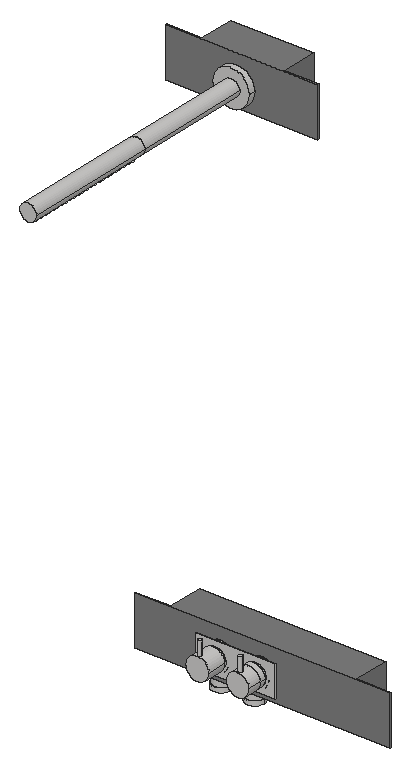
Revit family "5282ST", category Plumbing Fixtures, Revit 2021
Family settings
  Round Connector Dimension = Use Diameter
  Part Type = Normal
  Work Plane-Based = No
  Always vertical = Yes
  Cut with Voids When Loaded = No
  Shared = No
  Room Calculation Point = No
Parameters
  e-mail = "info@vola.com"
  URL = "http://vola.com"
  Telephone = "+45 7023 5500"
  Shower Head Height = 2100.00 mm
  Quality management standard = "ISO 9001"
  Organisation no. / DUNS no. = "17531328"
  Occupational health and safety management standard = "ISO 18001"
  Mounting Instructions = "http://vola.com/service/producturl.ashx?name=5282ST"
  Model = "5282ST"
  Mixer Offset [instance] = 12.00 mm
  Mixer = yes
  Materials and components information = "http://vola.com/service/producturl.ashx?name=5282ST"
  Manufacturer = "VOLA A/S"
  Maintenance Instructions = "http://vola.com/service/producturl.ashx?name=5282ST"
  Handle Height = 1100.00 mm
  Guarantee = "2 years"
  Flow = "25,00 l/min"
  Environmental management standard = "ISO 14000"
  Default Elevation = 0.00 mm
  Connection - All relevant connections = "¾\" for water connection"
  Approvals = "http://vola.com/service/producturl.ashx?name=5282ST"
Reference planes
  plane 1 "Center (Front/Back)": y = 0
  plane 2: z = 0
  plane 3 "Center (Left/Right)": x = 0
  plane 4 "Mixer plane": y = 12
  plane 5: z = 1100
  plane 6: z = 2100
  plane 7 "Wall Surface": y = 0
Forms (mm)
  Extrusion 1, solid, material "Stainless Steel", visible <- "Mixer"
    sketch origin (14.11, 9.5, 1100) x (0, 0, -1) y (1, 0, 0)
      loop
        circle (0, 24.89) r 24.89
    from 0 to 9.5
  Extrusion 2, solid, material "Stainless Steel", visible <- "Mixer"
    sketch origin (-63.89, 9.5, 1100) x (0, 0, -1) y (1, 0, 0)
      loop
        circle (0, 24.89) r 24.89
    from 0 to 9.5
  Extrusion 3, solid, material "Stainless Steel", visible <- "Mixer"
    sketch origin (-145, 12, 2147.5) x (0, 0, -1) y (1, 0, 0)
      loop
        circle (47.5, 145) r 16.5
    from 0.5 to 12 <- "Mixer Offset"
Dimensions and locks
  "Mixer Offset": plane 4 "Mixer plane" to plane 1 "Center (Front/Back)"
  "Handle Height": plane 5 to level
  "Shower Head Height": plane 6 to level
  aligned and locked: plane 2 to level
  aligned and locked: nested 3 to plane 4 "Mixer plane"
  aligned and locked: plane 1 "Center (Front/Back)" to Extrusion 1
  aligned and locked: plane 1 "Center (Front/Back)" to Extrusion 2
  aligned and locked: plane 5 to nested 3
  aligned and locked: nested 4 to plane 5
  aligned and locked: plane 6 to nested 5
  aligned and locked: plane 6 to nested 6
Automatic sketch dimensions
  Extrusion 3 sketch curve to Extrusion 3 sketch curve = 0.00 mm  (x2)
  nested 6 to Extrusion 3 sketch curve = 47.50 mm
  nested 6 to Extrusion 3 sketch curve = 128.50 mm
  Extrusion 3 sketch curve to Extrusion 3 sketch curve = 16.50 mm
  radius of Extrusion 1 sketch curve to nested 3 = 0.00 mm
  radius of Extrusion 2 sketch curve to nested 3 = 0.00 mm
Nested families
  nested 1: "NR52" at (39, -2, 1100), built-in parameter 1001364 <- "Handle Height", type "NR52"
  nested 2: "NR51" at (-39, -2, 1100), built-in parameter 1001364 <- "Handle Height", type "NR51"
  nested 3: "5200V" at (0, 83.5, 1015), visible <- "Mixer", type "5200V"
  nested 4: "5002" at (0, 0, 1100) x (1, 0, 0) z (0, -1, 0), type "5002"
  nested 5: "080ST" at (0, 0, 2100), type "080ST"
  nested 6: "200M" at (0, 12, 2100) x (1, 0, 0) z (0, 1, 0), built-in parameter 1001364 <- "Mixer Offset", visible <- "Mixer", type "200M"
Connectors
  piping at (-71, 54.5, 1015), diameter 37
    settings: on nested 3, index 1, connector inside diameter 1.45669", connector length 0.00 mm, flow factor 0, pipe flow 0 GPM, pressure drop 0.00 psi, fitting loss kfactor 0, connector angle 0.00°, fixture units 0, engagement length 0.00 mm, angle of deflection 0.00°, flow configuration 0, flow direction 1, fitting loss method 0, system type 19, joint type 0, gender type 0, connector reference index -1, connector utility 0, adjustable connector no, is connector primary yes, connector description ""
  piping at (-7, 54.5, 1015), diameter 37
    settings: on nested 3, index 2, connector inside diameter 1.45669", connector length 0.00 mm, flow factor 0, pipe flow 0 GPM, pressure drop 0.00 psi, fitting loss kfactor 0, connector angle 0.00°, fixture units 0, engagement length 0.00 mm, angle of deflection 0.00°, flow configuration 0, flow direction 1, fitting loss method 0, system type 20, joint type 0, gender type 0, connector reference index -1, connector utility 0, adjustable connector no, is connector primary no, connector description ""
Definition of nested family "NR52"
  Parameters
    e-mail = "info@vola.com"
    URL = "http://vola.com"
    Telephone = "+45 7023 5500"
    Quality management standard = "ISO 9001"
    Organisation no. / DUNS no. = "17531328"
    Occupational health and safety management standard = "ISO 18001"
    Mounting Instructions = "http://vola.com/service/producturl.ashx?name=NR52"
    Model = "NR52"
    Materials and components information = "http://vola.com/service/producturl.ashx?name=NR52"
    Manufacturer = "VOLA A/S"
    Maintenance Instructions = "http://vola.com/service/producturl.ashx?name=NR52"
    Guarantee = "2 years"
    Environmental management standard = "ISO 14000"
    Default Elevation = 0.00 mm
    Connection - All relevant connections = ""
    Approvals = "http://vola.com/service/producturl.ashx?name=NR52"
  Reference planes
    plane 1 "Center (Front/Back)": y = 0
    plane 2: z = 0
    plane 3 "Center (Left/Right)": x = 0
  Forms (mm)
    Extrusion 1, solid
      sketch origin (0, 0, 0) x (1, 0, 0) y (0, 0, 1)
        loop
          circle (0, 0) r 20
      from 0 to 5
    Extrusion 2, solid
      sketch origin (0, 0, 0) x (1, 0, 0) y (0, 0, 1)
        loop
          circle (0, 0) r 21.5
      from 17 to 42.5
    Extrusion 3, solid
      sketch origin (0, -2, 0) x (0, -1, 0) y (1, 0, 0)
        loop
          circle (34.5, 0) r 3.5
      from 0 to 47.5
    Extrusion 4, solid
      sketch origin (0, 10.75, -47.4) x (0, -1, 0) y (1, 0, 0)
        loop
          circle (34.5, 0) r 3.5
      from 22.5 to 47.4
    Extrusion 5, solid
      sketch origin (0, 11.93, 0) x (1, 0, 0) y (0, 0, 1)
        loop
          circle (0, 0) r 21.5
      from 16.93 to 28.93
  Cuts and joins
    joined: Extrusion 2, Extrusion 3, Extrusion 4
  Dimensions and locks
    aligned and locked: plane 2 to level
    aligned and locked: Extrusion 2 to Extrusion 5
    aligned and locked: Extrusion 1 to Extrusion 5
Definition of nested family "NR51"
  Parameters
    e-mail = "info@vola.com"
    URL = "http://vola.com"
    Telephone = "+45 7023 5500"
    Quality management standard = "ISO 9001"
    Organisation no. / DUNS no. = "17531328"
    Occupational health and safety management standard = "ISO 18001"
    Mounting Instructions = "http://vola.com/service/producturl.ashx?name=NR51"
    Model = "NR51"
    Materials and components information = "http://vola.com/service/producturl.ashx?name=NR51"
    Manufacturer = "VOLA A/S"
    Maintenance Instructions = "http://vola.com/service/producturl.ashx?name=NR51"
    Guarantee = "2 years"
    Environmental management standard = "ISO 14000"
    Default Elevation = 0.00 mm
    Connection - All relevant connections = ""
    Approvals = "http://vola.com/service/producturl.ashx?name=NR51"
  Reference planes
    plane 1 "Center (Front/Back)": y = 0
    plane 2: z = 0
    plane 3 "Center (Left/Right)": x = 0
  Forms (mm)
    Extrusion 1, solid
      sketch origin (0, 0, 0) x (1, 0, 0) y (0, 0, 1)
        loop
          circle (0, 0) r 21.5
      from 5 to 42.5
    Extrusion 2, solid
      sketch origin (0, -2, 0) x (0, -1, 0) y (1, 0, 0)
        loop
          circle (34.5, 0) r 3.5
      from 0 to 47.5
    Extrusion 3, solid
      sketch origin (0, 0, 0) x (1, 0, 0) y (0, 0, 1)
        loop
          circle (0, 0) r 20
      from 0 to 5
  Cuts and joins
    joined: Extrusion 1, Extrusion 2
  Dimensions and locks
    aligned and locked: plane 2 to level
Definition of nested family "5200V"
  Parameters
    e-mail = "info@vola.com"
    URL = "http://vola.com"
    Telephone = "+45 7023 5500"
    Quality management standard = "ISO 9001"
    Organisation no. / DUNS no. = "17531328"
    Occupational health and safety management standard = "ISO 18001"
    Mounting Instructions = "http://vola.com/service/producturl.ashx?name=5200V"
    Model = "5200V"
    Materials and components information = "http://vola.com/service/producturl.ashx?name=5200V"
    Manufacturer = "VOLA A/S"
    Maintenance Instructions = "http://vola.com/service/producturl.ashx?name=5200V"
    Guarantee = "2 years"
    Flow = "45,00 l/min"
    Environmental management standard = "ISO 14000"
    Default Elevation = 0.00 mm
    Connection - All relevant connections = ""
    Approvals = "http://vola.com/service/producturl.ashx?name=5200V"
  Reference planes
    plane 1 "Center (Front/Back)": y = 0
    plane 2: z = 0
    plane 3 "Center (Left/Right)": x = 0
    plane 4 "Inlet Center Plane": y = -29
    plane 5: z = 85
  Forms (mm)
    Extrusion 1, solid
      sketch origin (10, 0, 16) x (1, 0, 0) y (0, 1, 0)
        loop
          line (-147.5, 0) -> (-147.5, -69) -> (210.5, -69) -> (210.5, 0) -> (-147.5, 0)
      from 21.5 to 116.5
    Extrusion 2, solid
      sketch origin (10, -1, 16) x (1, 0, 0) y (0, 1, 0)
        loop
          line (-215, -68) -> (-215, -70.5) -> (275.5, -70.5) -> (275.5, -68) -> (-215, -68)
      from 21.5 to 116.5
    Extrusion 3, solid
      sketch origin (-59, -4, 37.5) x (0, 1, 0) y (1, 0, 0)
        loop
          circle (-25, -12) r 16.5
      from 0 to 29.77
    Extrusion 4, solid
      sketch origin (5, -4, 37.5) x (0, 1, 0) y (1, 0, 0)
        loop
          circle (-25, -12) r 16.5
      from 0 to 29.77
    Extrusion 5, solid
      sketch origin (-51.5, -71.5, 16) x (-1, 0, 0) y (0, 0, -1)
        loop
          circle (-12.5, -69) r 24.89
      from 0 to 2.5
    Extrusion 6, solid
      sketch origin (26.5, -71.5, 16) x (-1, 0, 0) y (0, 0, -1)
        loop
          circle (-12.5, -69) r 24.89
      from 0 to 2.5
    Extrusion 7, solid
      sketch origin (-59, -4, 7.73) x (-1, 0, 0) y (0, 1, 0)
        loop
          circle (12, -25) r 18.5
      from 0 to 7.73
    Extrusion 8, solid
      sketch origin (5, -4, 7.73) x (-1, 0, 0) y (0, 1, 0)
        loop
          circle (12, -25) r 18.5
      from 0 to 7.73
  Cuts and joins
    joined: Extrusion 1, Extrusion 2
  Lines and regions (mm)
    reference lines
      curve 1: line (39, -29, 85) -> (39, -121.5, 85)
      curve 2: line (-39, -29, 85) -> (-39, -121.5, 85)
      curve 3: line (-71, -29, 85) -> (-71, -29, -14)
      curve 4: line (-7, -29, 85) -> (-7, -29, -14)
  Dimensions and locks
    aligned and locked: plane 2 to level
    aligned and locked: Extrusion 1 to Extrusion 2
    aligned and locked: Extrusion 2 to Extrusion 1
Definition of nested family "5002"
  Parameters
    e-mail = "info@vola.com"
    URL = "http://vola.com"
    Telephone = "+45 7023 5500"
    Quality management standard = "ISO 9001"
    Organisation no. / DUNS no. = "17531328"
    Occupational health and safety management standard = "ISO 18001"
    Mounting Instructions = "http://vola.com/service/producturl.ashx?name=5002"
    Model = "5002"
    Materials and components information = "http://vola.com/service/producturl.ashx?name=5002"
    Manufacturer = "VOLA A/S"
    Maintenance Instructions = "http://vola.com/service/producturl.ashx?name=5002"
    Guarantee = "2 years"
    Environmental management standard = "ISO 14000"
    Default Elevation = 1219.20 mm
    Connection - All relevant connections = ""
    Approvals = "http://vola.com/service/producturl.ashx?name=5002"
  Reference planes
    plane 1 "Center (Front/Back)": y = 0
    plane 2: z = 0
    plane 3 "Center (Left/Right)": x = 0
  Forms (mm)
    Extrusion 1, solid
      sketch origin (0, 0, 0) x (1, 0, 0) y (0, 1, 0)
        loop
          line (-76.5, 30) -> (-76.5, -30) -> (76.5, -30) -> (76.5, 30) -> (-76.5, 30)
        loop
          circle (39.936, 0) r 19.5
        loop
          circle (-38.064, 0) r 19.5
      from 0 to 2
  Dimensions and locks
    aligned and locked: plane 2 to level
Definition of nested family "080ST"
  Parameters
    e-mail = "info@vola.com"
    URL = "http://vola.com"
    Telephone = "+45 7023 5500"
    Quality management standard = "ISO 9001"
    Organisation no. / DUNS no. = "17531328"
    Occupational health and safety management standard = "ISO 18001"
    Mounting Instructions = "http://vola.com/service/producturl.ashx?name=080ST"
    Model = "080ST"
    Materials and components information = "http://vola.com/service/producturl.ashx?name=080ST"
    Manufacturer = "VOLA A/S"
    Maintenance Instructions = "http://vola.com/service/producturl.ashx?name=080ST"
    Guarantee = "2 years"
    Flow = "25,00 l/min"
    Environmental management standard = "ISO 14000"
    Default Elevation = 0.00 mm
    Connection - All relevant connections = ""
    Approvals = "http://vola.com/service/producturl.ashx?name=080ST"
  Reference planes
    plane 1 "Center (Front/Back)": y = 0
    plane 2: z = 0
    plane 3 "Center (Left/Right)": x = 0
    plane 4: through (-9.509, -512.837, -14.371) normal (0.5, 0, 0.866)
    plane 5: through (-5.466, -512.837, -16.342) normal (0.2588, 0, 0.9659)
    plane 6: z = -17.2
    plane 7: through (-9.058, -512.837, -13.189) normal (0.866, 0, -0.5)
    plane 8: through (-5.336, -512.837, -15.084) normal (0.9659, 0, -0.2588)
  Forms (mm)
    Extrusion 1, solid
      sketch origin (0, 0, 0) x (1, 0, 0) y (0, 0, 1)
        loop
          circle (0, 0) r 35
      from 0 to 12
    Extrusion 2, solid
      sketch origin (0, -12, 0) x (1, 0, 0) y (0, 0, 1)
        loop
          circle (0, 0) r 16
      from 0 to 228
    Extrusion 3, solid
      sketch origin (0, -240, 0) x (1, 0, 0) y (0, 0, 1)
        loop
          circle (0, 0) r 16
      from 0 to 260
    Extrusion 4, solid
      sketch origin (-9.509, -501.837, -14.371) x (-0.866025, 0, 0.5) y (0, -1, 0)
        loop
          circle (-1.05, -12.837) r 1.25
        loop
          circle (-1.05, -22.837) r 1.25
        loop
          circle (-1.05, -32.837) r 1.25
        loop
          circle (-1.05, -42.837) r 1.25
        loop
          circle (-1.05, -52.837) r 1.25
        loop
          circle (-1.05, -62.837) r 1.25
        loop
          circle (-1.05, -72.837) r 1.25
        loop
          circle (-1.05, -82.837) r 1.25
        loop
          circle (-1.05, -92.837) r 1.25
        loop
          circle (-1.05, -102.837) r 1.25
        loop
          circle (-1.05, -112.837) r 1.25
        loop
          circle (-1.05, -122.837) r 1.25
        loop
          circle (-1.05, -132.837) r 1.25
        loop
          circle (-1.05, -142.837) r 1.25
        loop
          circle (-1.05, -152.837) r 1.25
        loop
          circle (-1.05, -162.837) r 1.25
        loop
          circle (-1.05, -172.837) r 1.25
        loop
          circle (-1.05, -182.837) r 1.25
        loop
          circle (-1.05, -192.837) r 1.25
        loop
          circle (-1.05, -202.837) r 1.25
        loop
          circle (-1.05, -212.837) r 1.25
        loop
          circle (-1.05, -222.837) r 1.25
        loop
          circle (-1.05, -232.837) r 1.25
        loop
          circle (-1.05, -242.837) r 1.25
      from 0 to 2
    Extrusion 5, solid
      sketch origin (-5.466, -501.837, -16.342) x (-0.965926, 0, 0.258819) y (0, -1, 0)
        loop
          circle (-1.05, -12.837) r 1.25
        loop
          circle (-1.05, -22.837) r 1.25
        loop
          circle (-1.05, -32.837) r 1.25
        loop
          circle (-1.05, -42.837) r 1.25
        loop
          circle (-1.05, -52.837) r 1.25
        loop
          circle (-1.05, -62.837) r 1.25
        loop
          circle (-1.05, -72.837) r 1.25
        loop
          circle (-1.05, -82.837) r 1.25
        loop
          circle (-1.05, -92.837) r 1.25
        loop
          circle (-1.05, -102.837) r 1.25
        loop
          circle (-1.05, -112.837) r 1.25
        loop
          circle (-1.05, -122.837) r 1.25
        loop
          circle (-1.05, -132.837) r 1.25
        loop
          circle (-1.05, -142.837) r 1.25
        loop
          circle (-1.05, -152.837) r 1.25
        loop
          circle (-1.05, -162.837) r 1.25
        loop
          circle (-1.05, -172.837) r 1.25
        loop
          circle (-1.05, -182.837) r 1.25
        loop
          circle (-1.05, -192.837) r 1.25
        loop
          circle (-1.05, -202.837) r 1.25
        loop
          circle (-1.05, -212.837) r 1.25
        loop
          circle (-1.05, -222.837) r 1.25
        loop
          circle (-1.05, -232.837) r 1.25
        loop
          circle (-1.05, -242.837) r 1.25
      from 0 to 2
    Extrusion 6, solid
      sketch origin (-1.05, -501.837, -17.2) x (-1, 0, 0) y (0, -1, 0)
        loop
          circle (-1.05, -12.837) r 1.25
        loop
          circle (-1.05, -22.837) r 1.25
        loop
          circle (-1.05, -32.837) r 1.25
        loop
          circle (-1.05, -42.837) r 1.25
        loop
          circle (-1.05, -52.837) r 1.25
        loop
          circle (-1.05, -62.837) r 1.25
        loop
          circle (-1.05, -72.837) r 1.25
        loop
          circle (-1.05, -82.837) r 1.25
        loop
          circle (-1.05, -92.837) r 1.25
        loop
          circle (-1.05, -102.837) r 1.25
        loop
          circle (-1.05, -112.837) r 1.25
        loop
          circle (-1.05, -122.837) r 1.25
        loop
          circle (-1.05, -132.837) r 1.25
        loop
          circle (-1.05, -142.837) r 1.25
        loop
          circle (-1.05, -152.837) r 1.25
        loop
          circle (-1.05, -162.837) r 1.25
        loop
          circle (-1.05, -172.837) r 1.25
        loop
          circle (-1.05, -182.837) r 1.25
        loop
          circle (-1.05, -192.837) r 1.25
        loop
          circle (-1.05, -202.837) r 1.25
        loop
          circle (-1.05, -212.837) r 1.25
        loop
          circle (-1.05, -222.837) r 1.25
        loop
          circle (-1.05, -232.837) r 1.25
        loop
          circle (-1.05, -242.837) r 1.25
      from 0 to 2
    Extrusion 7, solid
      sketch origin (9.509, -501.837, -14.371) x (0.866025, 0, 0.5) y (0, 1, 0)
        loop
          circle (-1.05, 12.837) r 1.25
        loop
          circle (-1.05, 22.837) r 1.25
        loop
          circle (-1.05, 32.837) r 1.25
        loop
          circle (-1.05, 42.837) r 1.25
        loop
          circle (-1.05, 52.837) r 1.25
        loop
          circle (-1.05, 62.837) r 1.25
        loop
          circle (-1.05, 72.837) r 1.25
        loop
          circle (-1.05, 82.837) r 1.25
        loop
          circle (-1.05, 92.837) r 1.25
        loop
          circle (-1.05, 102.837) r 1.25
        loop
          circle (-1.05, 112.837) r 1.25
        loop
          circle (-1.05, 122.837) r 1.25
        loop
          circle (-1.05, 132.837) r 1.25
        loop
          circle (-1.05, 142.837) r 1.25
        loop
          circle (-1.05, 152.837) r 1.25
        loop
          circle (-1.05, 162.837) r 1.25
        loop
          circle (-1.05, 172.837) r 1.25
        loop
          circle (-1.05, 182.837) r 1.25
        loop
          circle (-1.05, 192.837) r 1.25
        loop
          circle (-1.05, 202.837) r 1.25
        loop
          circle (-1.05, 212.837) r 1.25
        loop
          circle (-1.05, 222.837) r 1.25
        loop
          circle (-1.05, 232.837) r 1.25
        loop
          circle (-1.05, 242.837) r 1.25
      from 0 to 2
    Extrusion 8, solid
      sketch origin (5.466, -501.837, -16.342) x (0.965926, 0, 0.258819) y (0, 1, 0)
        loop
          circle (-1.05, 12.837) r 1.25
        loop
          circle (-1.05, 22.837) r 1.25
        loop
          circle (-1.05, 32.837) r 1.25
        loop
          circle (-1.05, 42.837) r 1.25
        loop
          circle (-1.05, 52.837) r 1.25
        loop
          circle (-1.05, 62.837) r 1.25
        loop
          circle (-1.05, 72.837) r 1.25
        loop
          circle (-1.05, 82.837) r 1.25
        loop
          circle (-1.05, 92.837) r 1.25
        loop
          circle (-1.05, 102.837) r 1.25
        loop
          circle (-1.05, 112.837) r 1.25
        loop
          circle (-1.05, 122.837) r 1.25
        loop
          circle (-1.05, 132.837) r 1.25
        loop
          circle (-1.05, 142.837) r 1.25
        loop
          circle (-1.05, 152.837) r 1.25
        loop
          circle (-1.05, 162.837) r 1.25
        loop
          circle (-1.05, 172.837) r 1.25
        loop
          circle (-1.05, 182.837) r 1.25
        loop
          circle (-1.05, 192.837) r 1.25
        loop
          circle (-1.05, 202.837) r 1.25
        loop
          circle (-1.05, 212.837) r 1.25
        loop
          circle (-1.05, 222.837) r 1.25
        loop
          circle (-1.05, 232.837) r 1.25
        loop
          circle (-1.05, 242.837) r 1.25
      from 0 to 2
  Cuts and joins
    joined: Extrusion 3, Extrusion 4, Extrusion 5, Extrusion 6, Extrusion 7, Extrusion 8
  Dimensions and locks
    aligned and locked: plane 2 to level
Definition of nested family "200M"
  Parameters
    e-mail = "info@vola.com"
    URL = "http://vola.com"
    Telephone = "+45 7023 5500"
    Quality management standard = "ISO 9001"
    Organisation no. / DUNS no. = "17531328"
    Occupational health and safety management standard = "ISO 18001"
    Mounting Instructions = "http://vola.com/service/producturl.ashx?name=200M"
    Model = "200M"
    Materials and components information = "http://vola.com/service/producturl.ashx?name=200M"
    Manufacturer = "VOLA A/S"
    Maintenance Instructions = "http://vola.com/service/producturl.ashx?name=200M"
    Guarantee = "2 years"
    Environmental management standard = "ISO 14000"
    Default Elevation = 1219.20 mm
    Connection - All relevant connections = ""
    Approvals = "http://vola.com/service/producturl.ashx?name=200M"
  Reference planes
    plane 1 "Center (Front/Back)": y = 0
    plane 2: z = 0
    plane 3 "Center (Left/Right)": x = 0
  Forms (mm)
    Extrusion 1, solid
      sketch origin (0, 69, 70.5) x (1, 0, 0) y (0, 0, 1)
        loop
          line (-77.5, 1) -> (-77.5, -68) -> (82.5, -68) -> (82.5, 1) -> (-77.5, 1)
      from 21.5 to 116.5
    Extrusion 2, solid
      sketch origin (0, 69, 70.5) x (1, 0, 0) y (0, 0, 1)
        loop
          line (-145, -68) -> (-145, -70.5) -> (147.5, -70.5) -> (147.5, -68) -> (-145, -68)
      from 21.5 to 116.5
    Extrusion 3, solid
      sketch origin (1071.5, 69, 68) x (0, 1, 0) y (1, 0, 0)
        loop
          circle (-69, -1071.5) r 16.5
      from 68 to 68.5
  Cuts and joins
    joined: Extrusion 1, Extrusion 2
  Lines and regions (mm)
    reference lines
      curve 1: line (0, 0, -0.5) -> (0, 0, -20.5)
      curve 2: line (0, 0, 27.5) -> (0, -99, 27.5)
      curve 3: line (0, 0, 38) -> (0, 99, 38)
  Dimensions and locks
    aligned and locked: plane 2 to level
    aligned and locked: Extrusion 2 to Extrusion 1  (x2)
